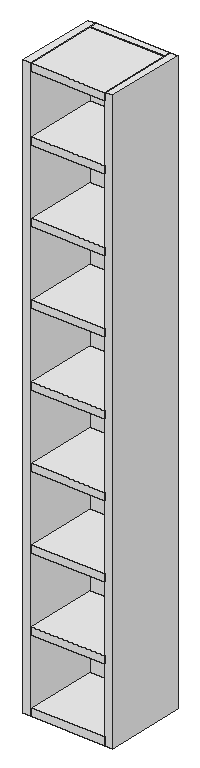
Revit family "Lockin Lockers AU_Pigeon Hole Locker_R22", category Furniture, Revit 2022
Family settings
  OmniClass Number = 23.40.20.27
  OmniClass Title = Storage Shelving
  Work Plane-Based = Yes
  Always vertical = Yes
  Cut with Voids When Loaded = No
  Render Appearance Source = Family Geometry
  Shared = Yes
  Room Calculation Point = No
Parameters (values of type "Pigeon Hole 8 door (PH8)")
  Width Control = if(Desired Width > Maximum Width, Maximum Width, if(Desired Width < Minimum Width, Minimum Width, Desired Width))  # 220 mm
  URL = "https://www.lockin.com.au/lockers/mini-lockers/ph8-pigeon-hole"
  TH Wall = 18 mm  # constant formula
  N_Shelves = N_Doors  # 8
  N_Doors = 8
  Locker Joint = 3 mm  # constant formula
  Height Control = if(Desired Height > Maximum Height, Maximum Height, if(Desired Height < Minimum Height, Minimum Height, Desired Height))  # 1440 mm
  Minimum Width = 160 mm  # constant formula
  Minimum Height = 1280 mm
  Minimum Depth = 200 mm  # constant formula
  Maximum Width = 220 mm  # constant formula
  Maximum Height = 1600 mm
  Maximum Depth = 400 mm  # constant formula
  Model = "PH8"
  Manufacturer = "Lockin Lockers AU"  # constant formula
  H Locker = (Height Control / (N_Doors))  # 180 mm
  Door Material = Material - Melamine - Laminex or Polytec Finish
  Description = "Pigeon Hole 8 door"
  Depth Control = if(Desired Depth > Maximum Depth, Maximum Depth, if(Desired Depth < Minimum Depth, Minimum Depth, Desired Depth))  # 200 mm
  Default Elevation = 0 mm  # constant formula
  Desired Height = 1440 mm
  Desired Depth = 200 mm
  Desired Width = 220 mm
  Body/Frame Material = Material - Melamine - Laminex or Polytec Finish
  Assembly Code = ""
Types (8, lengths in mm): name | URL | N_Shelves | N_Doors | Height Control | Minimum Height | Maximum Height | Model | Description | Desired Height
  (no name) | "https://www.lockin.com.au/lockers/mini-lockers/ph8-pigeon-hole" | 8 | 8 | 1440 | 1280 | 1600 | "PH8" | "Pigeon Hole 8 door" | 1440
  Pigeon Hole 2 door (PH2) | "https://www.lockin.com.au/lockers/mini-lockers/ph2-pigeon-hole" | 2 | 2 | 360 | 320 | 400 | "PH2" | "Pigeon Hole 2 Door" | 360
  Pigeon Hole 8 door (PH8) | "https://www.lockin.com.au/lockers/mini-lockers/ph8-pigeon-hole" | 8 | 8 | 1440 | 1280 | 1600 | "PH8" | "Pigeon Hole 8 door" | 1440
  Pigeon Hole 3 door (PH3) | "https://www.lockin.com.au/lockers/mini-lockers/ph3-pigeon-hole" | 3 | 3 | 540 | 480 | 600 | "PH3" | "Pigeon Hole 3 door" | 540
  Pigeon Hole 4 door (PH4) | "https://www.lockin.com.au/lockers/mini-lockers/ph4-pigeon-hole" | 4 | 4 | 720 | 640 | 800 | "PH4" | "Pigeon Hole 4 door" | 720
  Pigeon Hole 5 door (PH5) | "https://www.lockin.com.au/lockers/mini-lockers/ph5-pigeon-hole" | 5 | 5 | 900 | 800 | 1000 | "PH5" | "Pigeon Hole 5 door" | 900
  Pigeon Hole 6 door (PH6) | "https://www.lockin.com.au/lockers/mini-lockers/ph6-pigeon-hole" | 6 | 6 | 1080 | 960 | 1200 | "PH6" | "Pigeon Hole 6 door" | 1080
  Pigeon Hole 7 door (PH7) | "https://www.lockin.com.au/lockers/mini-lockers/ph7-pigeon-hole" | 7 | 7 | 1260 | 1120 | 1400 | "PH7" | "Pigeon Hole 7 door" | 1260
Reference planes
  plane 1 "Back": y = -2057.4
  plane 2 "Bottom": z = 0
  plane 3 "Right": x = 181.334
  plane 4 "Left": x = -38.666
  plane 5 "Front": y = -2257.4
  plane 6 "Left Inside": x = -20.666
  plane 7 "Right Inside": x = 163.334
  plane 8 "Back Inside": y = -2075.4
  plane 9 "4P": z = 18
  plane 10 "Center (Left/Right)": x = 71.334
  plane 11 "H Locker": z = 180
  plane 12 "Center (Front/Back)": y = -2157.4
  plane 13: z = 360
  plane 14 "Top ref": z = 1440
  plane 15: z = 1422
Forms (mm)
  Extrusion 1, solid, material "Material - Melamine - Laminex or Polytec Finish" <- "Body/Frame Material"
    sketch origin (90, -2257.4, -1725.6) x (1, 0, 0) y (0, 0, 1)
      loop
        line (-110.666, 1725.6) -> (73.334, 1725.6) -> (73.334, 1743.6) -> (-110.666, 1743.6) -> (-110.666, 1725.6)
    from -182 to 0
  Extrusion 2, solid, material "Material - Melamine - Laminex or Polytec Finish" <- "Body/Frame Material"
    sketch origin (0, 0, 0) x (1, 0, 0) y (0, 1, 0)
      loop
        line (-38.666, -2057.4) -> (-38.666, -2257.4) -> (-20.666, -2257.4) -> (-20.666, -2057.4) -> (-38.666, -2057.4)
    from 0 to 1440
  Extrusion 3, solid, material "Material - Melamine - Laminex or Polytec Finish" <- "Body/Frame Material"
    sketch origin (0, 0, 0) x (1, 0, 0) y (0, 1, 0)
      loop
        line (-20.666, -2057.4) -> (-20.666, -2075.4) -> (163.334, -2075.4) -> (163.334, -2057.4) -> (-20.666, -2057.4)
    from 0 to 1440
  Extrusion 4, solid, material "Material - Melamine - Laminex or Polytec Finish" <- "Body/Frame Material"
    sketch origin (2266.95, 0, 0) x (1, 0, 0) y (0, 1, 0)
      loop
        line (-2103.616, -2057.4) -> (-2103.616, -2257.4) -> (-2085.616, -2257.4) -> (-2085.616, -2057.4) -> (-2103.616, -2057.4)
    from 0 to 1440
  Extrusion 5, solid, material "Material - Melamine - Laminex or Polytec Finish" <- "Body/Frame Material"
    sketch origin (90, -2257.4, -1545.6) x (1, 0, 0) y (0, 0, 1)
      loop
        line (-110.666, 1725.6) -> (73.334, 1725.6) -> (73.334, 1743.6) -> (-110.666, 1743.6) -> (-110.666, 1725.6)
    from -182 to 0
  Extrusion 6, solid, material "Material - Melamine - Laminex or Polytec Finish" <- "Body/Frame Material"
    sketch origin (0, -2507.4, -183.6) x (1, 0, 0) y (0, 0, 1)
      loop
        line (-20.666, 1605.6) -> (163.334, 1605.6) -> (163.334, 1623.6) -> (-20.666, 1623.6) -> (-20.666, 1605.6)
    from -432 to -250
  Extrusion 7, solid, material "Material - Melamine - Laminex or Polytec Finish" <- "Body/Frame Material"
    sketch origin (90, -2257.4, -1365.6) x (1, 0, 0) y (0, 0, 1)
      loop
        line (-110.666, 1725.6) -> (73.334, 1725.6) -> (73.334, 1743.6) -> (-110.666, 1743.6) -> (-110.666, 1725.6)
    from -182 to 0
  Extrusion 8, solid, material "Material - Melamine - Laminex or Polytec Finish" <- "Body/Frame Material"
    sketch origin (90, -2257.4, -1185.6) x (1, 0, 0) y (0, 0, 1)
      loop
        line (-110.666, 1725.6) -> (73.334, 1725.6) -> (73.334, 1743.6) -> (-110.666, 1743.6) -> (-110.666, 1725.6)
    from -182 to 0
  Extrusion 9, solid, material "Material - Melamine - Laminex or Polytec Finish" <- "Body/Frame Material"
    sketch origin (90, -2257.4, -1005.6) x (1, 0, 0) y (0, 0, 1)
      loop
        line (-110.666, 1725.6) -> (73.334, 1725.6) -> (73.334, 1743.6) -> (-110.666, 1743.6) -> (-110.666, 1725.6)
    from -182 to 0
  Extrusion 10, solid, material "Material - Melamine - Laminex or Polytec Finish" <- "Body/Frame Material"
    sketch origin (90, -2257.4, -825.6) x (1, 0, 0) y (0, 0, 1)
      loop
        line (-110.666, 1725.6) -> (73.334, 1725.6) -> (73.334, 1743.6) -> (-110.666, 1743.6) -> (-110.666, 1725.6)
    from -182 to 0
  Extrusion 11, solid, material "Material - Melamine - Laminex or Polytec Finish" <- "Body/Frame Material"
    sketch origin (90, -2257.4, -645.6) x (1, 0, 0) y (0, 0, 1)
      loop
        line (-110.666, 1725.6) -> (73.334, 1725.6) -> (73.334, 1743.6) -> (-110.666, 1743.6) -> (-110.666, 1725.6)
    from -182 to 0
  Extrusion 12, solid, material "Material - Melamine - Laminex or Polytec Finish" <- "Body/Frame Material"
    sketch origin (90, -2257.4, -465.6) x (1, 0, 0) y (0, 0, 1)
      loop
        line (-110.666, 1725.6) -> (73.334, 1725.6) -> (73.334, 1743.6) -> (-110.666, 1743.6) -> (-110.666, 1725.6)
    from -182 to 0
Dimensions and locks
  "Depth Control": plane 5 "Front" to plane 1 "Back"
  "TH Wall": plane 8 "Back Inside" to plane 1 "Back"
  "TH Wall": plane 4 "Left" to plane 6 "Left Inside"
  "TH Wall": plane 7 "Right Inside" to plane 3 "Right"
  "Width Control": plane 4 "Left" to plane 3 "Right"
  equal spacing: plane 4 "Left", plane 10 "Center (Left/Right)", plane 3 "Right"
  "H Locker": plane 11 "H Locker" to level
  equal spacing: group 1, group 2, group 3, group 4, group 5, group 6, group 7, group 8  (x3)
  "TH Wall": plane 9 "4P" to level
  "Height Control": plane 14 "Top ref" to level
  "TH Wall": plane 14 "Top ref" to plane 15
  "H Locker": plane 13 to plane 11 "H Locker"
  equal spacing: plane 5 "Front", plane 12 "Center (Front/Back)", plane 1 "Back"
  aligned and locked: level to plane 2 "Bottom"
  aligned and locked: plane 6 "Left Inside" to Extrusion 1
  aligned and locked: plane 4 "Left" to Extrusion 2
  aligned and locked: Extrusion 2 to Extrusion 1
  aligned and locked: Extrusion 2 to plane 1 "Back"
  aligned and locked: Extrusion 3 to Extrusion 1
  aligned and locked: Extrusion 3 to plane 1 "Back"
  aligned and locked: plane 8 "Back Inside" to Extrusion 3
  aligned and locked: plane 3 "Right" to Extrusion 4
  aligned and locked: Extrusion 4 to plane 1 "Back"
  aligned and locked: plane 9 "4P" to Extrusion 1
  aligned and locked: Extrusion 6 to Extrusion 1  (x2)
  aligned and locked: Extrusion 1 to Extrusion 6
  aligned and locked: Extrusion 3 to level
  aligned and locked: Extrusion 2 to level
  aligned and locked: Extrusion 4 to level
  aligned and locked: plane 14 "Top ref" to Extrusion 6
  aligned and locked: Extrusion 1 to plane 8 "Back Inside"
  aligned and locked: Extrusion 5 to plane 8 "Back Inside"
  aligned and locked: Extrusion 5 to plane 7 "Right Inside"
  aligned and locked: plane 14 "Top ref" to Extrusion 4
  aligned and locked: plane 14 "Top ref" to Extrusion 2
  aligned and locked: plane 14 "Top ref" to Extrusion 3
  aligned and locked: Extrusion 6 to Extrusion 2
  aligned and locked: Extrusion 6 to plane 15
  aligned and locked: Extrusion 5 to plane 11 "H Locker"
  aligned and locked: plane 5 "Front" to Extrusion 2
  aligned and locked: plane 5 "Front" to Extrusion 4
  aligned and locked: plane 5 "Front" to Extrusion 6
Automatic sketch dimensions
  Extrusion 1 sketch curve to Extrusion 1 sketch curve = 184 mm
  Extrusion 1 sketch curve to Extrusion 1 sketch curve = 18 mm
  Extrusion 5 sketch curve to Extrusion 5 sketch curve = 184 mm
  Extrusion 5 sketch curve to Extrusion 5 sketch curve = 18 mm
  Extrusion 2 sketch curve to plane 4 "Left" = 0 mm
  Extrusion 2 sketch curve to plane 6 "Left Inside" = 0 mm
  plane 1 "Back" to Extrusion 2 sketch curve = 0 mm
  Extrusion 3 sketch curve to plane 6 "Left Inside" = 0 mm
  Extrusion 3 sketch curve to plane 7 "Right Inside" = 0 mm
  plane 8 "Back Inside" to Extrusion 3 sketch curve = 0 mm
  plane 1 "Back" to Extrusion 3 sketch curve = 0 mm
  Extrusion 4 sketch curve to plane 7 "Right Inside" = 0 mm
  Extrusion 4 sketch curve to plane 3 "Right" = 0 mm
  plane 1 "Back" to Extrusion 4 sketch curve = 0 mm
  plane 6 "Left Inside" to Extrusion 6 sketch curve = 0 mm
  plane 7 "Right Inside" to Extrusion 6 sketch curve = 0 mm
  plane 13 to Extrusion 6 sketch curve = 1080 mm
  Extrusion 6 sketch curve to plane 15 = 0 mm
  plane 5 "Front" to Extrusion 2 sketch curve = 0 mm
  plane 5 "Front" to Extrusion 4 sketch curve = 0 mm
  Extrusion 7 sketch curve to Extrusion 7 sketch curve = 184 mm
  Extrusion 7 sketch curve to Extrusion 7 sketch curve = 18 mm
  Extrusion 8 sketch curve to Extrusion 8 sketch curve = 184 mm
  Extrusion 8 sketch curve to Extrusion 8 sketch curve = 18 mm
  Extrusion 9 sketch curve to Extrusion 9 sketch curve = 184 mm
  Extrusion 9 sketch curve to Extrusion 9 sketch curve = 18 mm
  Extrusion 10 sketch curve to Extrusion 10 sketch curve = 184 mm
  Extrusion 10 sketch curve to Extrusion 10 sketch curve = 18 mm
  Extrusion 11 sketch curve to Extrusion 11 sketch curve = 184 mm
  Extrusion 11 sketch curve to Extrusion 11 sketch curve = 18 mm
  Extrusion 12 sketch curve to Extrusion 12 sketch curve = 184 mm
  Extrusion 12 sketch curve to Extrusion 12 sketch curve = 18 mm
